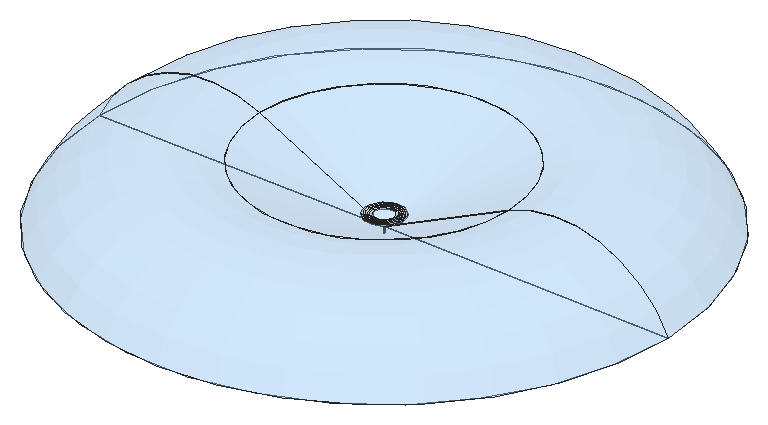
Revit family "HUNTER_I-40-06-SS-ON", category Sprinklers, Revit 2017
Family settings
  Maintain Annotation Orientation = No
  Round Connector Dimension = Use Diameter
  Part Type = Normal
  OmniClass Number = 23.11.27.15.11.11
  OmniClass Title = Installed Sprinkler Heads
  Work Plane-Based = No
  Always vertical = Yes
  Cut with Voids When Loaded = No
  Shared = Yes
  Room Calculation Point = No
Parameters (values of type "I-40-06-SS-ON-B Dual Opposing 28 Black -5.0bar-21.30m")
  Water Pattern = Water Arc : Water Arc
  Water = Water
  Valid Trajectory Arc [instance] = 360.00°  # constant formula
  URL = "https://www.hunterindustries.com/irrigation-product/rotors/i-40"
  Type Image = <None>
  Type Comments = "Rotor I-40-06 with Plastic Riser"
  Trajectory Ref [instance] = (if(Trajectory Arc < Arc Min, Arc Min, if(Trajectory Arc > Arc Max, Arc Max, Trajectory Arc))) / 1.00°  # 360
  Trajectory Radius = 21300.000 mm
  Trajectory Angle = 25.00°  # constant formula
  Symbol = I-40-06 Symbol : I-40-06 Symbol
  Show Water Spray = yes
  Show 2D Symbol = yes
  Pressure = 500.0 kPa
  Precipitation Rate = "15 mm/hr"
  Pop Up Material = Hunter® Stainless Steel
  Pop Up Height = 100.000 mm  # constant formula
  Nozzle Tag = "I-40-06-SS-ON-B-28 Black"
  Model = "I-40-04-SS-ON-B-28 Black"
  Keynote = "328423.02"
  Inlet Size = "1\" BSP"
  Connection_Dia = 30.000 mm  # constant formula
  Nozzle Size = "Hunter® (25 Dk.blue) Dual Opposing Nozzle"
  Exposed Diameter = 50.000 mm  # constant formula
  Body Material = Hunter® ABS Plastic
  Manufacturer = "Hunter® Industries"
  Product Flow [instance] = 111.3 L/min
  Diameter = 609.6 mm
  Description = "Hunter I-40-06 Rotor Body with Preinstalled Check in Valve, stainless steel riser and (28 Black) Dual Opposing Nozzle"
  Body Height = 200.000 mm  # constant formula
  Assembly Code = "G2050700"
  Trajectory Arc [instance] = 360.00°  # constant formula
  Arc Min = 360.00°  # constant formula
  Arc Max = 360.00°  # constant formula
Types (6, lengths in mm): name | Trajectory Radius | Precipitation Rate | Nozzle Tag | Model | Nozzle Size | Product Flow | Description
  I-40-06-SS-ON-B Dual Opposing  15 Grey -5.0bar-17.10m | 17100.000 | "13 mm/hr" | "I-40-06-SS-ON-B-15Grey" | "I-40-04-SS-ON-B-15 Grey" | "Hunter® (15 Grey) Dual Opposing Nozzle" | 55.4 L/min | "Hunter I-40-06 Rotor Body with Preinstalled Check in Valve, stainless steel riser and (15 Grey) Dual Opposing Nozzle"
  I-40-06-SS-ON-B Dual Opposing 18 Red -5.0bar-18.30m | 18300.000 | "13 mm/hr" | "I-40-06-SS-ON-B-18Red" | "I-40-04-SS-ON-B-18 Red" | "Hunter® (18 Red) Dual Opposing Nozzle" | 63.7 L/min | "Hunter I-40-06 Rotor Body with Preinstalled Check in Valve, stainless steel riser and (18 Red) Dual Opposing Nozzle"
  I-40-06-SS-ON-B Dual Opposing 20 Dk.brown -5.0bar-19.50m | 19500.000 | "15 mm/hr" | "I-40-06-SS-ON-B-20 Dk.brown" | "I-40-04-SS-ON-B-20 Dk.brown" | "Hunter® (20 Dk.Brown) Dual Opposing Nozzle" | 80.0 L/min | "Hunter I-40-06 Rotor Body with Preinstalled Check in Valve, stainless steel riser and (20 Dk. brown) Dual Opposing Nozzle"
  I-40-06-SS-ON-B Dual Opposing 23 Dk. Green -5.0bar-20.10m | 20100.000 | "15 mm/hr" | "I-40-06-SS-ON-B-23 Dk.green" | "I-40-04-SS-ON-B-23 Dk.green" | "Hunter® (23 Dk.Green) Dual Opposing Nozzle" | 85.6 L/min | "Hunter I-40-06 Rotor Body with Preinstalled Check in Valve, stainless steel riser and (23 Dk. green) Dual Opposing Nozzle"
  I-40-06-SS-ON-B Dual Opposing 25 Dk.blue -5.0bar-20.70m | 20700.000 | "15 mm/hr" | "I-40-06-SS-ON-B-25 Dk.blue" | "I-40-04-SS-ON-B-25 Dk.blue" | "Hunter® (25 Dk.blue) Dual Opposing Nozzle" | 92.0 L/min | "Hunter I-40-06 Rotor Body with Preinstalled Check in Valve, stainless steel riser and (25 Dk. blue) Dual Opposing Nozzle"
  I-40-06-SS-ON-B Dual Opposing 28 Black -5.0bar-21.30m | 21300.000 | "15 mm/hr" | "I-40-06-SS-ON-B-28 Black" | "I-40-04-SS-ON-B-28 Black" | "Hunter® (25 Dk.blue) Dual Opposing Nozzle" | 111.3 L/min | "Hunter I-40-06 Rotor Body with Preinstalled Check in Valve, stainless steel riser and (28 Black) Dual Opposing Nozzle"
Reference planes
  plane 1 "Center (Front/Back)": y = 0
  plane 2: z = 0
  plane 3 "Center (Left/Right)": x = 0
Lines and regions (mm)
  model lines
    curve 1: circle (0, 0, 0) r 25 normal (0, 0, 1)
    curve 2: line (25, 0, 0) -> (-25, 0, 0)
    curve 3: line (0, 25, 0) -> (0, -25, 0)
Dimensions and locks
  aligned and locked: level to plane 2
Nested families
  nested 1: "Water Arc" at (0, 0, 140), type <- "Water Pattern", visible <- "Show Water Spray", type "Water Arc"
    with r1 9001.769 mm, Trajectory Arc 360.00°, Radius 21300.000 mm
  nested 2: "I-40-06-SS" at (0, 0, 0), type "I-40-06-SS"
  nested 3: "I-40-06 Symbol" at (0, 0, 1000), Trajectory Arc <- "Valid Trajectory Arc", visible <- "Show 2D Symbol", type "I-40-06 Symbol"
    with Trajectory Ref 360, Trajectory Arc 360.00°, Ann Trajectory 360.00°
Connectors
  piping at (0, 0, -247.964), diameter 32, driven by "Product Flow"
    settings: on nested 2, index 3, connector inside diameter 609.6 mm, connector length 0.000 mm, flow factor 0, pipe flow 111.3 L/min, pressure drop 0.0 kPa, fitting loss kfactor 0, connector angle 0.00°, fixture units 0, engagement length 0.000 mm, angle of deflection 0.00°, flow configuration 0, flow direction 1, fitting loss method 2, system type 29, joint type 0, gender type 0, connector reference index -1, connector utility 0, adjustable connector no, is connector primary yes, connector description ""
Definition of nested family "Water Arc"
  Parameters (values of type "Water Arc")
    r1 = Radius * sin(Arc_Angle)  # 1901.782 mm
    Trajectory Arc = 180.00°
    Radius = 4500.000 mm
    Material = none
    Arc_Angle = 25.00°
  Reference planes
    plane 1 "Center (Front/Back)": y = 0
    plane 2: z = 0
    plane 3 "Center (Left/Right)": x = 0
  Forms (mm)
    Revolve 1, solid, material <- "Material"
      sketch origin (0, 0, 100) x (1, 0, 0) y (0, 0, 1)
        loop
          line (0, -100) -> (4500, -100)
          arc (4500, -100) -> (3426.848, 883.363) -> (1972.672, 819.872) r 1901.782
          line (1972.672, 819.872) -> (0, -100)
        axis (0, -100) -> (0, 819.872)
      angle from 0 to 180 <- "Trajectory Arc"
  Dimensions and locks
    "Radius": Revolve 1 sketch curve to plane 3 "Center (Left/Right)"
    "r1": radius of Revolve 1 sketch curve
    "Arc_Angle": angle Revolve 1 sketch curve to Revolve 1 sketch curve
    aligned and locked: level to plane 2
    aligned and locked: plane 3 "Center (Left/Right)" to Revolve 1 sketch curve
    aligned and locked: Revolve 1 sketch curve to level
  Automatic sketch dimensions
    Revolve 1 sketch curve to plane 3 "Center (Left/Right)" = 0.000 mm
    Revolve 1 sketch curve to Revolve 1 sketch curve = 191.442 mm
    Revolve 1 sketch curve to Revolve 1 sketch curve = 1280.000 mm
Definition of nested family "I-40-06-SS"
  Parameters (values of type "I-40-06-SS")
    R_Pipe_Connection = 15.671 mm
    Pop_Up = 100.000 mm
    ON = yes
    Material = none
    Dia = 25.315 mm
    Body_Height = 190.000 mm
  Reference planes
    plane 1 "Center (Front/Back)": y = 0
    plane 2: z = 0
    plane 3 "Center (Left/Right)": x = 0
  Forms (mm)
    Revolve 1, solid
      sketch origin (0, 0, 0) x (1, 0, 0) y (0, 0, 1)
        loop
          line (31.319, -241.871) -> (31.319, -50.822) -> (36.66, -50.822) -> (36.659, -32.331) -> (35.7, -32.331) -> (30.861, -18.037) -> (30.861, -15.272) -> (27.185, -15.272) -> (26.468, 3.321) -> (24.076, 3.321)
          arc (24.076, 3.321) -> (23.398, 5.933) -> (20.955, 7.08) r 3.175
          line (20.955, 7.08) -> (0, 7.08) -> (0, -245.516) -> (16, -245.516) -> (16, -247.964) -> (25.226, -247.964)
          arc (25.226, -247.964) -> (29.535, -246.179) -> (31.319, -241.871) r 6.093
        axis (0, -247.964) -> (0, 7.08)
      angle from 0 to 360
    Extrusion 2, solid, visible <- "ON"
      sketch origin (0, 0, 0) x (1, 0, 0) y (0, 1, 0)
        loop
          circle (0, 0) r 20
      from 3.321 to 150
    Revolve 3, solid, material <- "Material", visible <- "ON"
      sketch origin (0, 0, 50) x (1, 0, 0) y (0, 0, 1)
        loop
          arc (23.214, 104.166) -> (22.552, 105.763) -> (20.955, 106.425) r 2.259
          line (20.955, 106.425) -> (0, 106.425) -> (0, 100) -> (23.214, 100) -> (23.214, 104.166)
        axis (0, 106.425) -> (0, 100)
      angle from 0 to 360
  Dimensions and locks
    aligned and locked: level to plane 2
    aligned and locked: Revolve 3 to Extrusion 2
Definition of nested family "I-40-06 Symbol"
  Parameters (values of type "I-40-06 Symbol")
    Trajectory Ref [instance] = Trajectory Arc / 1.00°  # 50
    Trajectory Arc [instance] = 50.00°
    Nozzle Tag = M_Label Annotation : M_Label Annotation
    Ann Trajectory [instance] = Trajectory Arc  # 50.00°
  Reference planes
    plane 1 "Center (Front/Back)": y = 0
    plane 2: z = 0
    plane 3 "Center (Left/Right)": x = 0
  Forms (mm)
    Extrusion 1, solid
      sketch origin (0, 0, 0) x (1, 0, 0) y (0, 1, 0)
        loop
          circle (0, 0) r 1750
        loop
          circle (0, 0) r 700
      from 0 to 50
    Revolve 2, void
      sketch origin (0, 0, 0) x (1, 0, 0) y (0, 0, 1)
        loop
          line (700, 90) -> (700, 20) -> (830, 50) -> (830, 20) -> (960, 50) -> (960, 20) -> (1090, 50) -> (1090, 20) -> (1219.96, 49.991) -> (1219.96, 20) -> (1349.96, 50) -> (1349.96, 0) -> (1750, 0) -> (1750, 90) -> (700, 90)
        axis (0, 90) -> (0, 0)
      angle from 360 to 0
    Revolve 3, void
      sketch origin (0, 0, 0) x (1, 0, 0) y (0, 0, 1)
        loop
          line (0, 149.939) -> (0, -50.061) -> (1810, -50.061) -> (1810, 149.939) -> (0, 149.939)
        axis (0, 149.939) -> (0, -50.061)
      angle from 359 to 50 <- "Trajectory Arc"
  Cuts and joins
    Revolve 2, Revolve 3 cuts Extrusion 1
  Dimensions and locks
    aligned and locked: plane 2 to level
